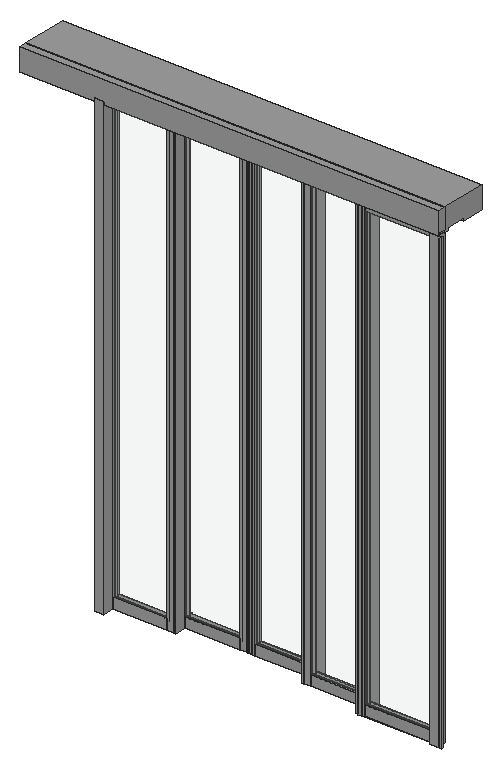
Revit family "agtatec_Record_SldngDrset_D-TSA-Telescopic_WallBased", category Doors, host Wall, Revit 2015 (continued)
Definition of nested family "D-TSA-Telescopic"
  Definition of nested family "Interlacing profile - Inner"
    Forms (mm)
      Extrusion 3, solid, material <- "Panel Frames", visible <- "Interlacing profile 5"
        sketch origin (0, 0, 0) x (1, 0, 0) y (0, 1, 0)
          loop
            line (0, 0) -> (-32, 0) -> (-32, -12) -> (12, -12) -> (12, 10) -> (0, 10) -> (0, 0)
        from 0 to 2195
    Lines and regions (mm)
      Masking region 1, visible <- "Interlacing profile 1"
        outline origin (0, 0, 0) x (1, 0, 0) y (0, 1, 0)
          loop
            line (0, 10) -> (0, 0) -> (-32, 0) -> (-32, -12) -> (17, -12) -> (17, 10) -> (0, 10)
      Masking region 2, visible <- "Interlacing profile 4"
        outline origin (0, 0, 0) x (1, 0, 0) y (0, 1, 0)
          loop
            line (0, 0) -> (-32, 0) -> (-32, -12) -> (49, -12) -> (49, -10) -> (12, -10) -> (12, 10) -> (0, 10) -> (0, 0)
      Masking region 3, visible <- "Interlacing profile 5"
        outline origin (0, 0, 0) x (1, 0, 0) y (0, 1, 0)
          loop
            line (12, -12) -> (12, 10) -> (0, 10) -> (0, 0) -> (-32, 0) -> (-32, -12) -> (12, -12)
      symbolic lines, detail levels medium+fine
        curve 1: line (0, 10, 40) -> (0, 0, 40)
        curve 2: line (0, 0, 40) -> (-32, 0, 40)
    Dimensions and locks
      "Interlancing Profile Height": plane 4 to level
      aligned and locked: plane 4 to Extrusion 1
      aligned and locked: Extrusion 1 to plane 6
      aligned and locked: plane 4 to Extrusion 2
      aligned and locked: plane 4 to Extrusion 3
    Automatic sketch dimensions
      plane 1 "Center (Front/Back)" to Extrusion 1 sketch curve = 0.00 mm
      Extrusion 1 sketch curve to plane 3 "Center (Left/Right)" = 0.00 mm
      plane 1 "Center (Front/Back)" to Extrusion 1 sketch curve = 12.00 mm
      Extrusion 1 sketch curve to plane 3 "Center (Left/Right)" = 32.00 mm
      plane 3 "Center (Left/Right)" to Extrusion 1 sketch curve = 17.00 mm
      Extrusion 1 sketch curve to plane 1 "Center (Front/Back)" = 10.00 mm
      plane 1 "Center (Front/Back)" to Masking region 1 sketch curve = 0.00 mm
      Masking region 1 sketch curve to plane 3 "Center (Left/Right)" = 0.00 mm
      plane 1 "Center (Front/Back)" to Masking region 1 sketch curve = 12.00 mm
      Masking region 1 sketch curve to plane 3 "Center (Left/Right)" = 32.00 mm
      Masking region 1 sketch curve to Masking region 1 sketch curve = 17.00 mm
      Masking region 1 sketch curve to Masking region 1 sketch curve = 10.00 mm
      plane 1 "Center (Front/Back)" to Extrusion 2 sketch curve = 0.00 mm
      Extrusion 2 sketch curve to plane 3 "Center (Left/Right)" = 0.00 mm
      plane 6 to Extrusion 2 sketch curve = 0.00 mm
      Extrusion 2 sketch curve to plane 3 "Center (Left/Right)" = 32.00 mm
      plane 3 "Center (Left/Right)" to Extrusion 2 sketch curve = 12.00 mm
      plane 6 to Extrusion 2 sketch curve = 2.00 mm
      Extrusion 2 sketch curve to Extrusion 2 sketch curve = 37.00 mm
      Extrusion 2 sketch curve to plane 1 "Center (Front/Back)" = 10.00 mm
      Extrusion 3 sketch curve to plane 6 = 0.00 mm
      plane 1 "Center (Front/Back)" to Extrusion 3 sketch curve = 0.00 mm
      Extrusion 3 sketch curve to plane 3 "Center (Left/Right)" = 0.00 mm
      Extrusion 3 sketch curve to plane 3 "Center (Left/Right)" = 32.00 mm
      Extrusion 3 sketch curve to Extrusion 3 sketch curve = 12.00 mm
      Extrusion 3 sketch curve to plane 1 "Center (Front/Back)" = 10.00 mm
      Masking region 2 sketch curve to plane 6 = 0.00 mm
      plane 1 "Center (Front/Back)" to Masking region 2 sketch curve = 0.00 mm
      Masking region 2 sketch curve to plane 3 "Center (Left/Right)" = 0.00 mm
      Masking region 2 sketch curve to plane 3 "Center (Left/Right)" = 32.00 mm
      plane 3 "Center (Left/Right)" to Masking region 2 sketch curve = 12.00 mm
      Masking region 2 sketch curve to Masking region 2 sketch curve = 37.00 mm
      plane 6 to Masking region 2 sketch curve = 2.00 mm
      Masking region 2 sketch curve to plane 1 "Center (Front/Back)" = 10.00 mm
      plane 1 "Center (Front/Back)" to Masking region 3 sketch curve = 0.00 mm
      Masking region 3 sketch curve to plane 6 = 0.00 mm
      Masking region 3 sketch curve to plane 3 "Center (Left/Right)" = 0.00 mm
      Masking region 3 sketch curve to plane 3 "Center (Left/Right)" = 32.00 mm
      plane 3 "Center (Left/Right)" to Masking region 3 sketch curve = 12.00 mm
      Masking region 3 sketch curve to plane 1 "Center (Front/Back)" = 10.00 mm
      plane 1 "Center (Front/Back)" to curve 1 = 0.00 mm
      curve 1 to plane 3 "Center (Left/Right)" = 0.00 mm
      curve 2 to plane 3 "Center (Left/Right)" = 32.00 mm
      curve 1 to plane 1 "Center (Front/Back)" = 10.00 mm
  Definition of nested family "Outer Panel"
    Parameters
      Panel Height = 2200.00 mm
      Panel Glass = none
      Panel Frames = none
      Outer Panel Width = 373.00 mm
    Reference planes
      plane 1 "Center (Front/Back)": y = 0
      plane 2: z = 0
      plane 3 "Center (Left/Right)": x = 0
      plane 4: x = 373
      plane 5: z = 2200
      plane 6: x = 341
      plane 7: x = 32
      plane 8: z = 2181
      plane 9 "Above": z = 42
      plane 10: x = 354.5
      plane 11: x = 18.5
      plane 12: y = 32
      plane 13: x = 10
    Forms (mm)
      Extrusion 1, solid, material <- "Panel Frames"
        sketch origin (0, 0, 0) x (1, 0, 0) y (0, 1, 0)
          loop
            line (0, 0) -> (32, 0) -> (32, 2.5) -> (16, 2.5) -> (16, 29.5) -> (32, 29.5) -> (32, 32) -> (0, 32) -> (0, 0)
        from 0 to 2200
      Extrusion 2, solid, material <- "Panel Frames"
        sketch origin (591.5, 0, 0) x (-1, 0, 0) y (0, -1, 0)
          loop
            line (218.5, 0) -> (218.5, -32) -> (250.5, -32) -> (250.5, -29.5) -> (234.5, -29.5) -> (234.5, -2.5) -> (250.5, -2.5) -> (250.5, 0) -> (218.5, 0)
        from 0 to 2200
      Extrusion 3, solid, material <- "Panel Frames"
        sketch origin (75, 0, 0) x (0, 1, 0) y (0, 0, 1)
          loop
            line (0, 2200) -> (0, 2168) -> (2.5, 2168) -> (2.5, 2184) -> (29.5, 2184) -> (29.5, 2168) -> (32, 2168) -> (32, 2200) -> (0, 2200)
        from -43 to 266
      Extrusion 4, solid, material <- "Panel Glass"
        sketch origin (0, 0, 0) x (1, 0, 0) y (0, 1, 0)
          loop
            line (18.5, 28) -> (18.5, 4) -> (354.5, 4) -> (354.5, 28) -> (18.5, 28)
        from 42 to 2181
      Extrusion 5, solid, material <- "Panel Frames"
        sketch origin (20, 0, 0) x (0, 1, 0) y (0, 0, 1)
          loop
            line (0, 5) -> (3.25, 5) -> (3.25, 0) -> (28.75, 0) -> (28.75, 5) -> (32, 5) -> (32, 55) -> (29.5, 55) -> (29.5, 39) -> (2.5, 39) -> (2.5, 55) -> (0, 55) -> (0, 5)
        from 12 to 321
    Lines and regions (mm)
      Masking region 1
        outline origin (0, 0, 0) x (1, 0, 0) y (0, 1, 0)
          loop
            line (0, 32) -> (0, 0) -> (373, 0) -> (373, 32) -> (10, 32) -> (0, 32)
      symbolic lines, detail levels medium+fine
        curve 1: line (341, 32, 42) -> (341, 29.5, 42)
        curve 2: line (32, 32, 42) -> (32, 29.5, 42)
        curve 18: line (341, 2.5, 42) -> (341, 0, 42)
        curve 20: line (32, 2.5, 42) -> (32, 0, 42)
      symbolic lines, detail levels fine
        curve 3: line (32, 28, 42) -> (341, 28, 42)
        curve 4: line (32, 4, 42) -> (341, 4, 42)
        curve 5: line (341, 29.5, 42) -> (357, 29.5, 42)
        curve 6: line (357, 29.5, 42) -> (357, 2.5, 42)
        curve 7: line (357, 2.5, 42) -> (341, 2.5, 42)
        curve 8: line (341, 28, 42) -> (354.5, 28, 42)
        curve 9: line (354.5, 28, 42) -> (354.5, 4, 42)
        curve 10: line (354.5, 4, 42) -> (341, 4, 42)
        curve 11: line (32, 29.5, 42) -> (16, 29.5, 42)
        curve 12: line (16, 29.5, 42) -> (16, 2.5, 42)
        curve 13: line (16, 2.5, 42) -> (32, 2.5, 42)
        curve 14: line (32, 4, 42) -> (18.5, 4, 42)
        curve 15: line (18.5, 4, 42) -> (18.5, 28, 42)
        curve 16: line (18.5, 28, 42) -> (32, 28, 42)
      symbolic lines, detail levels medium
        curve 17: line (341, 29.5, 42) -> (341, 2.5, 42)
        curve 19: line (32, 29.5, 42) -> (32, 2.5, 42)
    Dimensions and locks
      "Panel Height": plane 5 to plane 2
      locked: plane 7 to plane 3 "Center (Left/Right)" at 32
      locked: plane 6 to plane 4 at 32
      locked: plane 5 to plane 8 at 19
      locked: plane 9 "Above" to level at 42
      locked: plane 4 to plane 10 at 18.5
      locked: plane 11 to plane 3 "Center (Left/Right)" at 18.5
      "Outer Panel Width": plane 4 to plane 3 "Center (Left/Right)"
      locked: plane 3 "Center (Left/Right)" to plane 13 at 10
      aligned and locked: plane 2 to level
      aligned and locked: plane 5 to Extrusion 2
      aligned and locked: plane 5 to Extrusion 1
      aligned and locked: Extrusion 3 to plane 7
      aligned and locked: Extrusion 3 to plane 6
      aligned and locked: plane 8 to Extrusion 4
      aligned and locked: Extrusion 4 to plane 9 "Above"
      aligned and locked: Extrusion 4 to plane 10
      aligned and locked: Extrusion 4 to plane 11
      aligned and locked: Extrusion 1 to level
      aligned and locked: Extrusion 2 to level
      aligned and locked: Extrusion 5 to plane 6
      aligned and locked: Extrusion 5 to plane 7
      aligned and locked: Masking region 1 sketch curve to plane 4
    Automatic sketch dimensions
      Extrusion 1 sketch curve to plane 3 "Center (Left/Right)" = 0.00 mm
      Extrusion 1 sketch curve to plane 7 = 0.00 mm  (x2)
      plane 1 "Center (Front/Back)" to Extrusion 1 sketch curve = 0.00 mm
      Extrusion 1 sketch curve to plane 11 = 2.50 mm
      Extrusion 1 sketch curve to Extrusion 1 sketch curve = 2.50 mm  (x2)
      Extrusion 1 sketch curve to Extrusion 1 sketch curve = 27.00 mm
      Extrusion 2 sketch curve to plane 4 = 0.00 mm
      Extrusion 2 sketch curve to plane 6 = 0.00 mm  (x2)
      plane 1 "Center (Front/Back)" to Extrusion 2 sketch curve = 0.00 mm
      plane 10 to Extrusion 2 sketch curve = 2.50 mm
      Extrusion 2 sketch curve to Extrusion 2 sketch curve = 2.50 mm  (x2)
      Extrusion 2 sketch curve to Extrusion 2 sketch curve = 27.00 mm
      Extrusion 3 sketch curve to plane 1 "Center (Front/Back)" = 0.00 mm
      Extrusion 3 sketch curve to plane 5 = 0.00 mm
      Extrusion 3 sketch curve to plane 1 "Center (Front/Back)" = 2.50 mm
      plane 8 to Extrusion 3 sketch curve = 3.00 mm
      Extrusion 3 sketch curve to Extrusion 3 sketch curve = 27.00 mm
      Extrusion 3 sketch curve to Extrusion 3 sketch curve = 2.50 mm
      Extrusion 3 sketch curve to plane 8 = 13.00 mm  (x2)
      Extrusion 4 sketch curve to plane 11 = 0.00 mm
      Extrusion 4 sketch curve to plane 10 = 0.00 mm
      Extrusion 4 sketch curve to plane 1 "Center (Front/Back)" = 4.00 mm
      Extrusion 4 sketch curve to Extrusion 4 sketch curve = 24.00 mm
      Extrusion 5 sketch curve to plane 1 "Center (Front/Back)" = 0.00 mm
      Extrusion 5 sketch curve to level = 0.00 mm
      Extrusion 5 sketch curve to plane 1 "Center (Front/Back)" = 3.25 mm
      Extrusion 5 sketch curve to plane 1 "Center (Front/Back)" = 2.50 mm
      level to Extrusion 5 sketch curve = 5.00 mm
      Extrusion 5 sketch curve to Extrusion 5 sketch curve = 25.50 mm
      plane 9 "Above" to Extrusion 5 sketch curve = 13.00 mm  (x2)
      Extrusion 5 sketch curve to Extrusion 5 sketch curve = 27.00 mm
      Extrusion 5 sketch curve to Extrusion 5 sketch curve = 2.50 mm
      Extrusion 5 sketch curve to Extrusion 5 sketch curve = 5.00 mm
      Extrusion 5 sketch curve to plane 9 "Above" = 3.00 mm
      plane 1 "Center (Front/Back)" to Masking region 1 sketch curve = 0.00 mm
      curve 9 to plane 10 = 0.00 mm
      curve 3 to plane 6 = 0.00 mm
      curve 5 to plane 6 = 0.00 mm
      curve 4 to plane 7 = 0.00 mm
      curve 3 to plane 7 = 0.00 mm
      curve 15 to plane 11 = 0.00 mm
      plane 1 "Center (Front/Back)" to curve 18 = 0.00 mm
      plane 1 "Center (Front/Back)" to curve 20 = 0.00 mm
      curve 5 to plane 10 = 2.50 mm
      curve 11 to plane 11 = 2.50 mm
      curve 7 to plane 1 "Center (Front/Back)" = 2.50 mm
      curve 12 to plane 1 "Center (Front/Back)" = 2.50 mm
      curve 15 to curve 12 = 1.50 mm
      curve 4 to curve 14 = 0.00 mm
      curve 10 to curve 4 = 0.00 mm
      curve 16 to curve 14 = 24.00 mm
      curve 11 to curve 3 = 1.50 mm
      curve 5 to curve 3 = 1.50 mm
      curve 1 to curve 5 = 2.50 mm
      curve 2 to curve 11 = 2.50 mm
      Masking region 1 sketch curve to plane 3 "Center (Left/Right)" = 0.00 mm
      Masking region 1 sketch curve to plane 13 = 0.00 mm
      Masking region 1 sketch curve to plane 12 = 0.00 mm
Types (12, lengths in mm): name | With side panels | WarrantyDurationUnit | TotalWidth | TotalHeight | SideVoidRight | SideVoidLeft | RightPanel | LeftPanel | Width | Rough Width | Rough Height | NominalWidth | NominalHeight | Height | DriveUnitHeight
  D-TSA 150 mm drive unit height - side panel left | no | "Depends on country" | 1644.00 | 2337.00 | 26.00 | 386.00 | no | yes | 1644.00 | 1650.00 | 2343.00 | 1644.00 | 2337.00 | 2337.00 | 150.00
  D-TSA 150 mm drive unit height - side panel right | no | "Depends on country" | 1644.00 | 2337.00 | 386.00 | 26.00 | yes | no | 1644.00 | 1650.00 | 2343.00 | 1644.00 | 2337.00 | 2337.00 | 150.00
  D-TSA 150 mm drive unit height - with two side panels | yes | "Depends on country" | 2000.00 | 2337.00 | 386.00 | 386.00 | yes | yes | 2000.00 | 2006.00 | 2343.00 | 2000.00 | 2337.00 | 2337.00 | 150.00
  D-TSA 150 mm drive unit height - without side panels | no | "Depends on country" | 1288.00 | 2337.00 | 26.00 | 26.00 | no | no | 1288.00 | 1294.00 | 2343.00 | 1288.00 | 2337.00 | 2337.00 | 150.00
  D-TSA 200 mm drive unit height - side panel left | no | "Depends on country" | 1644.00 | 2387.00 | 26.00 | 386.00 | no | yes | 1644.00 | 1650.00 | 2393.00 | 1644.00 | 2387.00 | 2387.00 | 200.00
  D-TSA 200 mm drive unit height - side panel right | no | "Depends on country" | 1644.00 | 2387.00 | 386.00 | 26.00 | yes | no | 1644.00 | 1650.00 | 2393.00 | 1644.00 | 2387.00 | 2387.00 | 200.00
  D-TSA 200 mm drive unit height - with two side panels | yes | "n/a" | 2000.00 | 2387.00 | 386.00 | 386.00 | yes | yes | 2000.00 | 2006.00 | 2393.00 | 2000.00 | 2387.00 | 2387.00 | 200.00
  D-TSA 200 mm drive unit height - without side panels | no | "n/a" | 1288.00 | 2387.00 | 26.00 | 26.00 | no | no | 1288.00 | 1294.00 | 2393.00 | 1288.00 | 2387.00 | 2387.00 | 200.00
  D-TSA 108 mm drive unit height - side panel left | no | "Depends on country" | 1644.00 | 2295.00 | 26.00 | 386.00 | no | yes | 1644.00 | 1650.00 | 2301.00 | 1644.00 | 2295.00 | 2295.00 | 108.00
  D-TSA 108 mm drive unit height - side panel right | no | "Depends on country" | 1644.00 | 2295.00 | 386.00 | 26.00 | yes | no | 1644.00 | 1650.00 | 2301.00 | 1644.00 | 2295.00 | 2295.00 | 108.00
  D-TSA 108 mm drive unit height - with two side panels | yes | "Depends on country" | 2000.00 | 2295.00 | 386.00 | 386.00 | yes | yes | 2000.00 | 2006.00 | 2301.00 | 2000.00 | 2295.00 | 2295.00 | 108.00
  D-TSA 108 mm drive unit height - without side panels | no | "Depends on country" | 1288.00 | 2295.00 | 26.00 | 26.00 | no | no | 1288.00 | 1294.00 | 2301.00 | 1288.00 | 2295.00 | 2295.00 | 108.00
